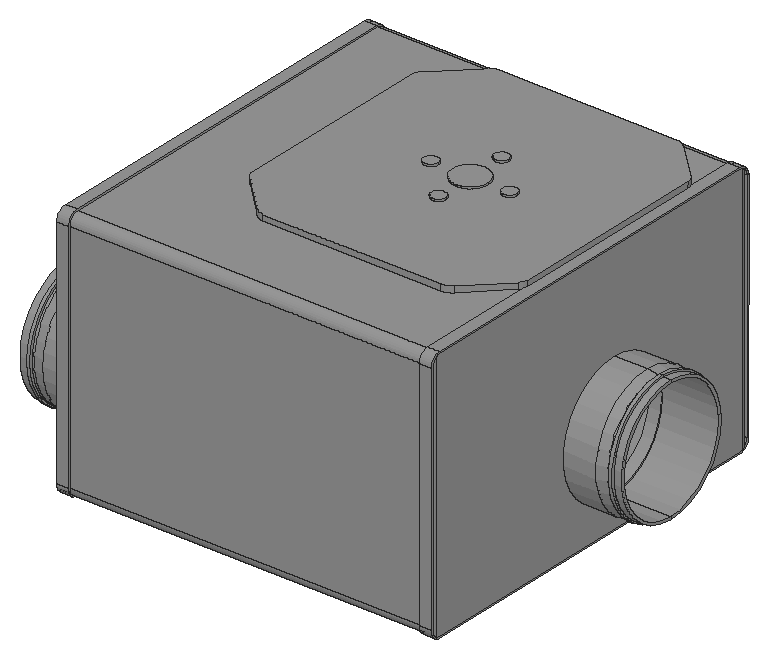
Revit family "LPKB Silent 100 C1 EC_7540607", category Mechanical Equipment, Revit 2014
Parameters (values of type "LPKB Silent 100 C1 EC")
  Wiring diagram = "4040143"
  Width A = Width - 96 mm  # 314 mm
  Width = 410 mm
  Weight = 6.20 kg
  Voltage range = "200-240"
  Voltage = 230 V
  Vertical Distance = 136 mm
  Speed = "3710"
  Sound pressure level at 3 m = "56"
  Radius = Diameter / 2  # 50 mm
  Power = 115 W
  Phase = 1
  Max. temperature of transported air when speed controlled = 60 °C
  Max. temperature of transported air = 60 °C
  Main Material = Steel, Galvanized
  Height = 213 mm
  Frequency = 50 Hz
  Elevation [instance] = 2600 mm
  Distance 2 = 190 mm
  Distance 1 = 73 mm
  Diameter = 100 mm
  Description = "SOUND ATTENUATED DUCT FANS WITH CIRCULAR CONNECTIONS"
  Depth = 330 mm
  Current = 0.91 A
  Capacitor = "-"
Reference planes
  plane 1 "Center (Front/Back)": y = 0
  plane 2: z = 0
  plane 3 "Center (Left/Right)": x = 0
  plane 4: x = -157
  plane 5: x = 157
  plane 6: x = -205
  plane 7: x = 205
  plane 8: y = 165
  plane 9: y = -165
  plane 10: z = 2600
  plane 11: y = -92
  plane 12: y = 155
  plane 13: x = 147
  plane 14: x = -84
  plane 15: y = 92
  plane 16: x = 31.5
  plane 17: y = 31.5
Dimensions and locks
  equal spacing: plane 4, plane 3 "Center (Left/Right)", plane 5
  "Width A": plane 4 to plane 5
  equal spacing: plane 6, plane 3 "Center (Left/Right)", plane 7
  "Width": plane 6 to plane 7
  equal spacing: plane 8, plane 1 "Center (Front/Back)", plane 9
  "Depth": plane 8 to plane 9
  "Elevation": plane 10 to level
  "Distance 1": plane 9 to plane 11
  locked: plane 8 to plane 12 at 10
  locked: plane 13 to plane 5 at 10
  "Distance 1": plane 4 to plane 14
  "Distance 1": plane 8 to plane 15
  equal spacing: plane 14, plane 16, plane 13
  equal spacing: plane 12, plane 17, plane 11
  aligned and locked: level to plane 2
  aligned and locked: nested 1 to plane 3 "Center (Left/Right)"
  aligned and locked: nested 1 to plane 1 "Center (Front/Back)"
  aligned and locked: plane 3 "Center (Left/Right)" to nested 2
  aligned and locked: plane 1 "Center (Front/Back)" to nested 2
  aligned and locked: nested 2 to plane 10
Nested families
  nested 1: "Flow direction symbol" at (0, 0, 0) x (-1, 0, 0) z (0, 0, 1), type "Flow direction symbol"
  nested 2: "LPKB Silent" at (0, 0, 2600), type "LPKB Silent"
    with Radius 50 mm, Height 213 mm, Diameter 100 mm
Connectors
  hvac at (-205, -92, 2677), driven by "Diameter"
    settings: on nested 2, index 1, duct flow 0.0 L/s, flow factor 0, pres drop 0.0 Pa, loss coef 0, conn angle 0.00°, conn width 304.8 mm, conn height 304.8 mm, conn diameter 100 mm, duct sys type 3, conn prof type 0, flow config 0, flow direction 2, loss method 0, conn ref index -1, conn util no, is conn primary yes, conn desc ""
  hvac at (205, 25, 2677), driven by "Diameter"
    settings: on nested 2, index 2, duct flow 0.0 L/s, flow factor 0, pres drop 0.0 Pa, loss coef 0, conn angle 0.00°, conn width 304.8 mm, conn height 304.8 mm, conn diameter 100 mm, duct sys type 1, conn prof type 0, flow config 0, flow direction 2, loss method 0, conn ref index -1, conn util no, is conn primary no, conn desc ""
  electrical at (-197, 92, 2677), driven by "Phase", driven by "Voltage"
    settings: on nested 2, index 3, voltage 230 V, apparent load 0 VA, apparent load phase1 0 VA, apparent load phase2 0 VA, apparent load phase3 0 VA, power factor 1, load classification "Other", number of poles 1, system type 31, power factor state 1, is connector primary yes, connector utility no, sub classification motor no, connector description ""
Definition of nested family "LPKB Silent"
  Parameters (values of type "LPKB Silent")
    Width A = Width - 96 mm  # 314 mm
    Width = 410 mm
    Vertical Distance = 136 mm
    Radius = Diameter / 2  # 62.5 mm
    Main Material = Steel, Galvanized
    Height = 210 mm
    Distance 2 = 190 mm
    Distance 1 = 73 mm
    Diameter = 125 mm
    Description = ""
    Depth = 330 mm
  Reference planes
    plane 1 "Center (Front/Back)": y = 0
    plane 2: z = 0
    plane 3 "Center (Left/Right)": x = 0
    plane 4: x = -157
    plane 5: x = 157
    plane 6: x = -205
    plane 7: x = 205
    plane 8: y = 165
    plane 9: y = -165
    plane 10: z = 210
    plane 11: z = 74
    plane 12: y = -92
    plane 13: y = 155
    plane 14: x = 147
    plane 15: x = -84
    plane 16: y = 92
    plane 17: x = 31.5
    plane 18: y = 31.5
    plane 19: y = 25
  Forms (mm)
    Revolve 1, solid, material "Steel, Galvanized" <- "Main Material", detail levels medium+fine
      sketch origin (157, -92, 1200) x (1, 0, 0) y (0, 0, 1)
        loop
          line (-314, -1063.5) -> (-314, -1059.75) -> (-342.156, -1059.75) -> (-350.609, -1061.24) -> (-352.661, -1061.24) -> (-352.661, -1059.75) -> (-355.459, -1059.75) -> (-355.459, -1061.24) -> (-362, -1061.24) -> (-362, -1063.5) -> (-314, -1063.5)
        axis (-314, -1126) -> (-362, -1126)
      angle from 0 to 360
    Extrusion 2, void
      sketch origin (0, 0, 0) x (1, 0, 0) y (0, 1, 0)
        loop
          line (-147, 155.039) -> (-147, -154.961) -> (146.959, -154.961) -> (146.959, 155.039) -> (-147, 155.039)
      from 10 to 191.508
    Extrusion 3, solid, material "Steel, Galvanized" <- "Main Material", detail levels medium+fine
      sketch origin (0, 0, 0) x (1, 0, 0) y (0, 1, 0)
        loop
          arc (-43.183, 155) -> (-47.858, 153.712) -> (-51.826, 150.956) r 14.179
          line (-51.826, 150.956) -> (-81.305, 121.477)
          arc (-81.305, 121.477) -> (-83.196, 118.632) -> (-84, 115.312) r 9.835
          line (-84, 115.312) -> (-84, -52.313)
          arc (-84, -52.313) -> (-83.196, -55.632) -> (-81.305, -58.477) r 9.835
          line (-81.305, -58.477) -> (-51.826, -87.956)
          arc (-51.826, -87.956) -> (-47.856, -90.729) -> (-43.183, -92) r 14.142
          line (-43.183, -92) -> (105.647, -92)
          arc (105.647, -92) -> (110.32, -90.729) -> (114.29, -87.956) r 14.142
          line (114.29, -87.956) -> (144.168, -58.679)
          arc (144.168, -58.679) -> (146.101, -55.888) -> (147, -52.615) r 10.108
          line (147, -52.615) -> (147, 115.615)
          arc (147, 115.615) -> (146.101, 118.888) -> (144.168, 121.679) r 10.108
          line (144.168, 121.679) -> (113.884, 150.924)
          arc (113.884, 150.924) -> (109.945, 153.773) -> (105.24, 155) r 13.17
          line (105.24, 155) -> (-43.183, 155)
      from 210 to 215
    Sweep 4, solid, material "Steel, Galvanized" <- "Main Material", detail levels medium+fine
      path origin (-157, 864.407, 1200) x (0, 1, 0) y (0, 0, 1)
        loop
          line (-707.407, -990) -> (-1021.407, -990)
          arc (-1021.407, -990) -> (-1027.064, -992.343) -> (-1029.407, -998) r 8
          line (-1029.407, -998) -> (-1029.407, -1192)
          arc (-1029.407, -1192) -> (-1027.064, -1197.657) -> (-1021.407, -1200) r 8
          line (-1021.407, -1200) -> (-707.407, -1200)
          arc (-707.407, -1200) -> (-701.75, -1197.657) -> (-699.407, -1192) r 8
          line (-699.407, -1192) -> (-699.407, -998)
          arc (-699.407, -998) -> (-701.75, -992.343) -> (-707.407, -990) r 8
      profile origin (-157, 0, 210) x (0, 0, -1) y (1, 0, 0)
        loop
          line (0, 0) -> (0, 10) -> (-1, 10) -> (-1, 0) -> (0, 0)
    Extrusion 5, void
      sketch origin (157, 864.407, 1200) x (0, -1, 0) y (0, 0, 1)
        loop
          arc (1021.407, -990) -> (1027.064, -992.343) -> (1029.407, -998) r 8
          line (1029.407, -998) -> (1035.402, -998) -> (1035.402, -983.783) -> (1021.407, -983.783) -> (1021.407, -990)
        loop
          line (707.407, -990) -> (707.407, -983.783) -> (693.411, -983.783) -> (693.411, -998) -> (699.407, -998)
          arc (699.407, -998) -> (701.75, -992.343) -> (707.407, -990) r 8
        loop
          line (1021.407, -1200) -> (1021.407, -1206.217) -> (1035.402, -1206.217) -> (1035.402, -1192) -> (1029.407, -1192)
          arc (1029.407, -1192) -> (1027.064, -1197.657) -> (1021.407, -1200) r 8
        loop
          arc (707.407, -1200) -> (701.75, -1197.657) -> (699.407, -1192) r 8
          line (699.407, -1192) -> (693.411, -1192) -> (693.411, -1206.217) -> (707.407, -1206.217) -> (707.407, -1200)
      from 0 to 473.721
    Sweep 6, solid, material "Steel, Galvanized" <- "Main Material", detail levels medium+fine
      path origin (157, 864.407, 1200) x (0, 1, 0) y (0, 0, -1)
        loop
          arc (-707.407, 990) -> (-701.75, 992.343) -> (-699.407, 998) r 8
          line (-699.407, 998) -> (-699.407, 1192)
          arc (-699.407, 1192) -> (-701.75, 1197.657) -> (-707.407, 1200) r 8
          line (-707.407, 1200) -> (-1021.407, 1200)
          arc (-1021.407, 1200) -> (-1027.064, 1197.657) -> (-1029.407, 1192) r 8
          line (-1029.407, 1192) -> (-1029.407, 998)
          arc (-1029.407, 998) -> (-1027.064, 992.343) -> (-1021.407, 990) r 8
          line (-1021.407, 990) -> (-707.407, 990)
      profile origin (157, 0, 210) x (0, 0, 1) y (-1, 0, 0)
        loop
          line (0, 0) -> (1, 0) -> (1, 10) -> (0, 10) -> (0, 0)
    Extrusion 7, solid, material "Steel, Galvanized" <- "Main Material", detail levels medium+fine
      sketch origin (82.02, -241.107, 0) x (1, 0, 0) y (0, 1, 0)
        loop
          arc (-234.02, 406.107) -> (-237.555, 404.643) -> (-239.02, 401.107) r 5
          line (-239.02, 401.107) -> (-239.02, 81.107)
          arc (-239.02, 81.107) -> (-237.555, 77.572) -> (-234.02, 76.107) r 5
          line (-234.02, 76.107) -> (69.98, 76.107)
          arc (69.98, 76.107) -> (73.516, 77.572) -> (74.98, 81.107) r 5
          line (74.98, 81.107) -> (74.98, 401.107)
          arc (74.98, 401.107) -> (73.516, 404.643) -> (69.98, 406.107) r 5
          line (69.98, 406.107) -> (-234.02, 406.107)
      from 0 to 210
    Revolve 8, solid, material "Steel, Galvanized" <- "Main Material", detail levels medium+fine
      sketch origin (-271.54, 25, 1200) x (-1, 0, 0) y (0, 0, 1)
        loop
          line (-476.54, -1063.5) -> (-428.54, -1063.5) -> (-428.54, -1059.75) -> (-456.697, -1059.75) -> (-465.149, -1061.24) -> (-467.201, -1061.24) -> (-467.201, -1059.75) -> (-469.999, -1059.75) -> (-469.999, -1061.24) -> (-476.54, -1061.24) -> (-476.54, -1063.5)
        axis (-476.54, -1126) -> (-428.54, -1126)
      angle from 0 to 360
    Sweep 9, void
      path origin (157, -92, 1200) x (1, 0, 0) y (0, 0, 1)
        loop
          line (-157, -1126) -> (-362, -1126)
      profile origin (-102.5, -92, 74) x (0, 0, -1) y (0, -1, 0)
        loop
          circle (0, 0) r 62.5
    Sweep 10, void
      path origin (-271.54, 25, 1200) x (-1, 0, 0) y (0, 0, 1)
        loop
          line (-476.54, -1126) -> (-271.54, -1126)
      profile origin (102.5, 25, 74) x (0, 0, 1) y (0, 1, 0)
        loop
          circle (0, 0) r 62.5
    Extrusion 11, solid, material "Steel, Galvanized" <- "Main Material", detail levels coarse
      sketch origin (0, 0, 0) x (1, 0, 0) y (0, 1, 0)
        loop
          line (-157, 165) -> (-157, -165) -> (157, -165) -> (157, 165) -> (-157, 165)
      from 0 to 210
    Extrusion 12, solid, material "Steel, Galvanized" <- "Main Material", detail levels coarse
      sketch origin (31.5, 214.952, 1200) x (0, 1, 0) y (0, 0, 1)
        loop
          circle (-189.952, -1126) r 62.5
      from 125.5 to 173.5
    Extrusion 13, solid, material "Steel, Galvanized" <- "Main Material", detail levels coarse
      sketch origin (31.5, 214.952, 1200) x (0, 1, 0) y (0, 0, 1)
        loop
          circle (-306.952, -1126) r 62.5
      from -236.5 to -188.5
    Extrusion 14, solid, material "Plastic, Opaque Black", detail levels medium+fine
      sketch origin (0, 0, 0) x (1, 0, 0) y (0, 1, 0)
        loop
          circle (31.5, 31.5) r 15
        loop
          circle (64.494, 31.5) r 6
        loop
          circle (-1.494, 31.5) r 6
        loop
          circle (31.5, -1.778) r 6
        loop
          circle (31.5, 64.222) r 6
      from 210 to 216.039
    Sweep 15, solid, material "Plastic"
      path origin (-399.976, 92, 1200) x (-1, 0, 0) y (0, 0, 1)
        loop
          line (-242.976, -1126) -> (-209.517, -1126)
      profile origin (-173.73, 92, 74) x (0, 0, 1) y (0, 1, 0)
        loop
          arc (41.5, 36.5) -> (40.036, 40.036) -> (36.5, 41.5) r 5
          line (36.5, 41.5) -> (-36.5, 41.5)
          arc (-36.5, 41.5) -> (-40.036, 40.036) -> (-41.5, 36.5) r 5
          line (-41.5, 36.5) -> (-41.5, -36.5)
          arc (-41.5, -36.5) -> (-40.036, -40.036) -> (-36.5, -41.5) r 5
          line (-36.5, -41.5) -> (36.5, -41.5)
          arc (36.5, -41.5) -> (40.036, -40.036) -> (41.5, -36.5) r 5
          line (41.5, -36.5) -> (41.5, 36.5)
    Sweep 16, solid, material "Plastic"
      path origin (-399.976, 92, 1200) x (-1, 0, 0) y (0, 0, 1)
        loop
          line (-209.517, -1126) -> (-202.976, -1126)
      profile origin (-193.73, 92, 74) x (0, 0, 1) y (0, 1, 0)
        loop
          line (46.5, -36.5) -> (46.5, 36.5)
          arc (46.5, 36.5) -> (43.571, 43.571) -> (36.5, 46.5) r 10
          line (36.5, 46.5) -> (-36.5, 46.5)
          arc (-36.5, 46.5) -> (-43.571, 43.571) -> (-46.5, 36.5) r 10
          line (-46.5, 36.5) -> (-46.5, -36.5)
          arc (-46.5, -36.5) -> (-43.571, -43.571) -> (-36.5, -46.5) r 10
          line (-36.5, -46.5) -> (36.5, -46.5)
          arc (36.5, -46.5) -> (43.571, -43.571) -> (46.5, -36.5) r 10
  Cuts and joins
    Sweep 9, Sweep 10 cuts Revolve 1
    Extrusion 2, Extrusion 5, Sweep 9, Sweep 10 cuts Extrusion 7
  Dimensions and locks
    equal spacing: plane 4, plane 3 "Center (Left/Right)", plane 5
    "Width A": plane 4 to plane 5
    equal spacing: plane 6, plane 3 "Center (Left/Right)", plane 7
    "Width": plane 6 to plane 7
    equal spacing: plane 8, plane 1 "Center (Front/Back)", plane 9
    "Depth": plane 8 to plane 9
    "Height": plane 10 to level
    "Distance 1": plane 9 to plane 12
    locked: Revolve 1 sketch curve to Revolve 1 sketch curve at 3.75
    "Radius": Revolve 1 sketch curve to Revolve 1 sketch curve
    locked: plane 8 to Extrusion 2 sketch curve at 9.961
    locked: plane 4 to Extrusion 2 sketch curve at 10
    locked: Extrusion 2 sketch curve to plane 9 at 10.039
    locked: Extrusion 2 sketch curve to plane 5 at 10.041
    locked: plane 8 to plane 13 at 10
    locked: plane 14 to plane 5 at 10
    "Distance 1": plane 4 to plane 15
    locked: Extrusion 3 to plane 10 at 5
    locked: Sweep 4 sketch curve to plane 4 at 10
    locked: Sweep 4 sketch curve to plane 10 at 1
    locked: Sweep 6 sketch curve to Sweep 6 sketch curve at 10
    locked: plane 10 to Sweep 6 sketch curve at 1
    locked: Revolve 1 sketch curve to Revolve 1 sketch curve at 2.26
    "Distance 1": plane 8 to plane 16
    "Radius": Revolve 8 sketch curve to Revolve 8 sketch curve
    locked: Revolve 8 sketch curve to Revolve 8 sketch curve at 3.75
    locked: Revolve 8 sketch curve to Revolve 8 sketch curve at 2.26
    equal spacing: plane 15, plane 17, plane 14
    equal spacing: plane 13, plane 18, plane 12
    equal spacing: Extrusion 14 sketch curve, plane 17, Extrusion 14 sketch curve
    locked: plane 17 to Extrusion 14 sketch curve at 32.994
    locked: plane 18 to Extrusion 14 sketch curve at 33.278
    locked: Extrusion 14 sketch curve to plane 18 at 32.722
    locked: Extrusion 14 to plane 10 at 6.039
    Sweep 15 sketch curve to Sweep 15 sketch curve to plane 6 = 33.459 mm locked, 14.541 mm
    Sweep 16 sketch curve to plane 6 = 14.541 mm
    locked: plane 10 to cut or joined group of Extrusion 2, Extrusion 5, Extrusion 7, Sweep 9, Sweep 10 at 18.492
    "Distance 2": plane 19 to plane 9
    "Vertical Distance": plane 10 to plane 11
    radius of Sweep 4 sketch curve = 8 mm  (x4)
    radius of Sweep 6 sketch curve = 8 mm  (x4)
    "Radius": radius of Sweep 9 sketch curve
    "Diameter": diameter of Sweep 10 sketch curve
    "Radius": radius of Extrusion 12 sketch curve
    radius of Extrusion 12 sketch curve = 62.5 mm
    "Radius": radius of Extrusion 13 sketch curve
    radius of Extrusion 14 sketch curve = 15 mm
    radius of Extrusion 14 sketch curve = 6 mm  (x4)
    locked: Extrusion 3 sketch curve to plane 13 (angle 44.0307°)
    locked: plane 13 to Extrusion 3 sketch curve (angle 45.00°)
    locked: plane 15 to Extrusion 3 sketch curve (angle 45.00°)
    locked: Extrusion 3 sketch curve to plane 14 (angle 45.582°)
    aligned and locked: level to plane 2
    aligned and locked: Revolve 1 sketch curve to plane 6
    aligned and locked: plane 4 to Revolve 1 sketch curve
    aligned and locked: Extrusion 3 sketch curve to plane 13
    aligned and locked: plane 15 to Extrusion 3 sketch curve
    aligned and locked: Extrusion 3 to plane 10
    aligned and locked: Extrusion 3 sketch curve to plane 14
    aligned and locked: plane 12 to Extrusion 3 sketch curve
    aligned and locked: Sweep 4 sketch curve to plane 8
    aligned and locked: Sweep 4 sketch curve to plane 10  (x2)
    aligned and locked: plane 9 to Sweep 4 sketch curve
    aligned and locked: level to Sweep 4 sketch curve
    aligned and locked: Sweep 4 sketch curve to plane 4
    aligned and locked: Sweep 6 sketch curve to plane 8
    aligned and locked: level to Sweep 6 sketch curve
    aligned and locked: Sweep 6 sketch curve to plane 10
    aligned and locked: plane 9 to Sweep 6 sketch curve
    aligned and locked: Revolve 1 sketch curve to Revolve 1 sketch curve  (x2)
    aligned and locked: Extrusion 7 sketch curve to plane 8
    aligned and locked: Extrusion 7 sketch curve to plane 5
    aligned and locked: plane 9 to Extrusion 7 sketch curve
    aligned and locked: plane 4 to Extrusion 7 sketch curve
    aligned and locked: plane 10 to Extrusion 7
    aligned and locked: Revolve 8 sketch curve to Revolve 8 sketch curve  (x2)
    aligned and locked: Sweep 9 sketch curve to plane 11
    aligned and locked: plane 3 "Center (Left/Right)" to Sweep 9 sketch curve
    aligned and locked: plane 6 to Sweep 9 sketch curve
    aligned and locked: Sweep 10 sketch curve to plane 11
    aligned and locked: plane 7 to Sweep 10 sketch curve
    aligned and locked: plane 3 "Center (Left/Right)" to Sweep 10 sketch curve
    aligned and locked: nested 1 to plane 3 "Center (Left/Right)"
    aligned and locked: nested 1 to plane 1 "Center (Front/Back)"
    aligned and locked: Extrusion 11 sketch curve to plane 8
    aligned and locked: plane 4 to Extrusion 11 sketch curve
    aligned and locked: plane 9 to Extrusion 11 sketch curve
    aligned and locked: Extrusion 11 sketch curve to plane 5
    aligned and locked: plane 10 to Extrusion 11
    aligned and locked: plane 11 to Extrusion 12 sketch curve
    aligned and locked: plane 12 to Extrusion 13 sketch curve
    aligned and locked: plane 11 to Extrusion 13 sketch curve
    aligned and locked: plane 4 to Extrusion 13
    aligned and locked: Extrusion 13 to plane 6
    aligned and locked: plane 18 to Extrusion 14 sketch curve  (x3)
    aligned and locked: plane 17 to Extrusion 14 sketch curve  (x3)
    aligned and locked: Extrusion 14 to plane 10
    aligned and locked: plane 5 to Sweep 6 sketch curve
    aligned and locked: Sweep 15 sketch curve to plane 11
    aligned and locked: Sweep 16 sketch curve to plane 11
    aligned and locked: Sweep 15 to plane 4
    aligned and locked: Sweep 16 to Sweep 15
    aligned and locked: plane 19 to Extrusion 12 sketch curve
    aligned and locked: plane 19 to Sweep 10 sketch curve
    aligned and locked: plane 11 to Sweep 10 sketch curve
    aligned and locked: Extrusion 12 to plane 5
    aligned and locked: plane 7 to Extrusion 12
  Automatic sketch dimensions
    Extrusion 5 sketch curve to plane 8 = 0 mm  (x2)
    Extrusion 5 sketch curve to plane 10 = 0 mm  (x2)
    Extrusion 5 sketch curve to level = 0 mm  (x2)
    Extrusion 5 sketch curve to plane 9 = 0 mm  (x2)
    plane 8 to Extrusion 5 sketch curve = 5.995 mm  (x2)
    plane 13 to Extrusion 5 sketch curve = 2 mm  (x2)
    Extrusion 5 sketch curve to Extrusion 5 sketch curve = 8 mm
    plane 9 to Extrusion 5 sketch curve = 8 mm
    Extrusion 5 sketch curve to plane 9 = 5.995 mm
    Extrusion 5 sketch curve to Extrusion 5 sketch curve = 5.995 mm
    Extrusion 5 sketch curve to level = 6.217 mm  (x2)
    plane 10 to Extrusion 5 sketch curve = 6.217 mm
    Extrusion 5 sketch curve to Extrusion 5 sketch curve = 6.217 mm
    Sweep 6 sketch curve to profile plane = 0 mm
    plane 4 to Extrusion 7 sketch curve = 5 mm
    Extrusion 7 sketch curve to Extrusion 7 sketch curve = 5 mm
    Extrusion 7 sketch curve to plane 5 = 5 mm  (x2)
    plane 15 to Extrusion 3 sketch curve = 2.695 mm  (x2)
    plane 15 to Extrusion 3 sketch curve = 9.816 mm
    Extrusion 3 sketch curve to plane 13 = 4.044 mm  (x2)
    Extrusion 3 sketch curve to plane 12 = 4.044 mm  (x2)
    plane 15 to Extrusion 3 sketch curve = 32.174 mm
    Extrusion 3 sketch curve to Extrusion 3 sketch curve = 8.643 mm  (x3)
    Extrusion 3 sketch curve to plane 13 = 14.112 mm
    Extrusion 3 sketch curve to plane 12 = 14.08 mm  (x2)
    Extrusion 3 sketch curve to Extrusion 3 sketch curve = 1.32 mm
    Extrusion 3 sketch curve to plane 14 = 10.058 mm
    Extrusion 3 sketch curve to plane 14 = 2.832 mm  (x2)
    Extrusion 3 sketch curve to plane 12 = 33.321 mm
    Extrusion 3 sketch curve to Extrusion 3 sketch curve = 6.064 mm
    Extrusion 3 sketch curve to Extrusion 3 sketch curve = 6.165 mm
    Extrusion 3 sketch curve to Extrusion 3 sketch curve = 6.784 mm
    Extrusion 3 sketch curve to Extrusion 3 sketch curve = 7.068 mm
    Extrusion 3 sketch curve to Extrusion 3 sketch curve = 0 mm  (x2)
    Extrusion 3 sketch curve to Extrusion 3 sketch curve = 1.004 mm
    Extrusion 3 sketch curve to Extrusion 3 sketch curve = 0.62 mm
    Extrusion 3 sketch curve to Extrusion 3 sketch curve = 1.373 mm
    Extrusion 3 sketch curve to Extrusion 3 sketch curve = 9.557 mm
    Extrusion 3 sketch curve to plane 13 = 13.138 mm
    profile plane to Sweep 15 sketch curve = 41.5 mm
    Sweep 15 sketch curve to Sweep 15 sketch curve = 5 mm  (x3)
    Sweep 15 sketch curve to profile plane = 36.5 mm  (x2)
    Sweep 15 sketch curve to plane 16 = 41.5 mm
    plane 16 to Sweep 15 sketch curve = 36.5 mm
    profile plane to Sweep 16 sketch curve = 46.5 mm
    Sweep 16 sketch curve to Sweep 16 sketch curve = 10 mm  (x3)
    Sweep 16 sketch curve to profile plane = 36.5 mm  (x2)
    Sweep 16 sketch curve to plane 16 = 46.5 mm
    plane 16 to Sweep 16 sketch curve = 36.5 mm
    Sweep 16 sketch curve to Sweep 16 sketch curve = 6.541 mm
    Revolve 1 sketch curve to plane 11 = 0 mm
    plane 6 to Revolve 1 sketch curve = 6.541 mm
    Revolve 1 sketch curve to Revolve 1 sketch curve = 2.798 mm
    Revolve 1 sketch curve to Revolve 1 sketch curve = 2.052 mm
    Revolve 1 sketch curve to Revolve 1 sketch curve = 8.453 mm
    Revolve 1 sketch curve to plane 6 = 247 mm
    plane 15 to Revolve 1 sketch curve = 5 mm
    Revolve 8 sketch curve to plane 11 = 0 mm
    Revolve 8 sketch curve to plane 7 = 0 mm
    Revolve 8 sketch curve to plane 5 = 0 mm
    Revolve 8 sketch curve to Revolve 8 sketch curve = 6.541 mm
    Revolve 8 sketch curve to Revolve 8 sketch curve = 2.798 mm
    Revolve 8 sketch curve to Revolve 8 sketch curve = 2.052 mm
    Revolve 8 sketch curve to Revolve 8 sketch curve = 8.453 mm
    plane 7 to Revolve 8 sketch curve = 85 mm
    Revolve 8 sketch curve to plane 14 = 52 mm
    Sweep 9 sketch curve to plane 12 = 0 mm
    Sweep 9 sketch curve to profile plane = 0 mm
  Nested families
    nested 1: "Flow direction symbol" at (0, 0, 0) x (-1, 0, 0) z (0, 0, 1), type "Flow direction symbol"
  Connectors
    hvac at (205, 25, 74), driven by "Diameter"
      settings: on Revolve 8, index 3, duct flow 0.0 L/s, flow factor 0, pres drop 0.0 Pa, loss coef 0, conn angle 0.00°, conn width 304.8 mm, conn height 304.8 mm, conn diameter 125 mm, duct sys type 1, conn prof type 0, flow config 0, flow direction 1, loss method 0, conn ref index -1, conn util no, is conn primary yes, conn desc ""
    hvac at (-205, -92, 74), driven by "Diameter"
      settings: on cut or joined group of Revolve 1, Sweep 9, Sweep 10, index 4, duct flow 0.0 L/s, flow factor 0, pres drop 0.0 Pa, loss coef 0, conn angle 0.00°, conn width 304.8 mm, conn height 304.8 mm, conn diameter 125 mm, duct sys type 3, conn prof type 0, flow config 0, flow direction 2, loss method 0, conn ref index -1, conn util no, is conn primary no, conn desc ""
    electrical at (-197, 92, 74)
      settings: on Sweep 16, index 5, voltage 230 V, apparent load 0 VA, apparent load phase1 0 VA, apparent load phase2 0 VA, apparent load phase3 0 VA, power factor 1, load classification "Other", number of poles 1, system type 31, power factor state 1, is connector primary yes, connector utility no, sub classification motor no, connector description ""
  Definition of nested family "Flow direction symbol"
    Parameters (values of type "Flow direction symbol")
      Warning = "!"
      Text = "DIMENSIONS OVERCONSTRAINT"
    Reference planes
      plane 1: y = 0
      plane 2: x = 0
    Lines and regions (mm)
      detail lines
        curve 1: line (-0.506, 0.877, 0) -> (-0.506, -0.877, 0)
        curve 2: line (1.012, 0, 0) -> (-0.506, -0.877, 0)
        curve 3: line (-0.506, 0.877, 0) -> (1.012, 0, 0)
        curve 4: circle (0, 0, 0) r 1 normal (0, 0, 1)
Definition of nested family "Flow direction symbol"
  Parameters (values of type "Flow direction symbol")
    Warning = "!"
    Text = "DIMENSIONS OVERCONSTRAINT"
  Reference planes
    plane 1: y = 0
    plane 2: x = 0
  Lines and regions (mm)
    detail lines
      curve 1: line (-0.506, 0.877, 0) -> (-0.506, -0.877, 0)
      curve 2: line (1.012, 0, 0) -> (-0.506, -0.877, 0)
      curve 3: line (-0.506, 0.877, 0) -> (1.012, 0, 0)
      curve 4: circle (0, 0, 0) r 1 normal (0, 0, 1)
